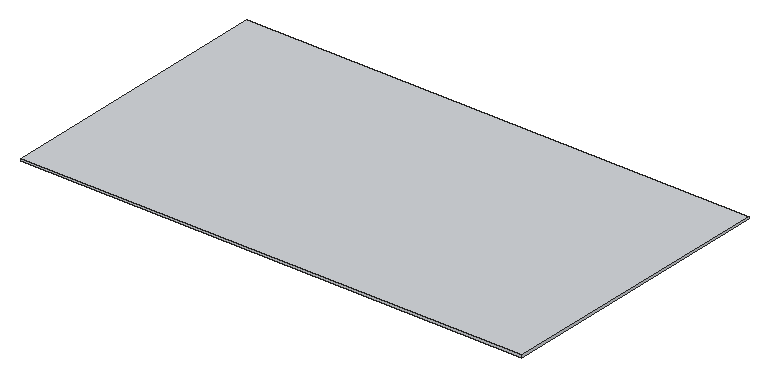
Revit family "LA2 Connected Rings", category Lighting Fixtures, host Face, Revit 2014 (continued)
Definition of nested family "LA2"
  Forms (in)
    Extrusion 10, solid, material "White Opal Acrylic" <- "Diffuser", visible <- "8'", detail levels medium+fine
      sketch origin (0, 0, -66.3845) x (1, 0, 0) y (0, 1, 0)
        loop
          arc (0.18567, -41.99959) -> (19.96162, -36.95313) -> (35.02349, -23.18093) r 42
          arc (35.02349, -23.18093) -> (35.66585, -22.17988) -> (36.27961, -21.16105) r 42
          arc (36.27961, -21.16105) -> (36.31972, -21.13023) -> (36.36937, -21.13682) r 0.06563
          line (36.36937, -21.13682) -> (36.86328, -21.42198)
          arc (36.86328, -21.42198) -> (37.02767, -21.37793) -> (36.98362, -21.21355) r 0.12034
          line (36.98362, -21.21355) -> (36.48971, -20.92839)
          arc (36.48971, -20.92839) -> (36.45917, -20.88868) -> (36.46555, -20.839) r 0.06563
          arc (36.46555, -20.839) -> (40.60587, -10.73144) -> (41.99988, 0.1014) r 42
          arc (41.99988, 0.1014) -> (40.5797, 10.82995) -> (36.46528, 20.83946) r 42
          arc (36.46528, 20.83946) -> (36.45917, 20.88868) -> (36.48971, 20.92839) r 0.06563
          line (36.48971, 20.92839) -> (36.98362, 21.21355)
          arc (36.98362, 21.21355) -> (37.02767, 21.37793) -> (36.86328, 21.42198) r 0.12034
          line (36.86328, 21.42198) -> (36.36937, 21.13682)
          arc (36.36937, 21.13682) -> (36.31972, 21.13023) -> (36.27987, 21.16059) r 0.06563
          arc (36.27987, 21.16059) -> (20.99954, 36.37333) -> (0.18514, 41.99959) r 42
          arc (0.18514, 41.99959) -> (0.13946, 42.01891) -> (0.12034, 42.06521) r 0.06563
          line (0.12034, 42.06521) -> (0.12034, 42.63553)
          arc (0.12034, 42.63553) -> (0, 42.75587) -> (-0.12034, 42.63553) r 0.12034
          line (-0.12034, 42.63553) -> (-0.12034, 42.06521)
          arc (-0.12034, 42.06521) -> (-0.13946, 42.01891) -> (-0.18514, 41.99959) r 0.06563
      from 66.3845 to 66.43137
    Extrusion 11, solid, material "White Opal Acrylic" <- "Diffuser", visible <- "6'", detail levels medium+fine
      sketch origin (0, 0, -66.3845) x (1, 0, 0) y (0, 1, 0)
        loop
          arc (-31.1256, -18.08859) -> (-18.01326, -31.16925) -> (-0.133, -35.99975) r 36
          arc (-0.133, -35.99975) -> (-0.09975, -35.98609) -> (-0.08595, -35.95288) r 0.04688
          line (-0.08595, -35.95288) -> (-0.08595, -35.54551)
          arc (-0.08595, -35.54551) -> (0, -35.45955) -> (0.08595, -35.54551) r 0.08595
          line (0.08595, -35.54551) -> (0.08595, -35.95288)
          arc (0.08595, -35.95288) -> (0.09975, -35.98609) -> (0.133, -35.99975) r 0.04688
          arc (0.133, -35.99975) -> (17.34548, -31.54575) -> (30.32722, -19.39741) r 36
          arc (30.32722, -19.39741) -> (34.53399, -10.16876) -> (35.99975, -0.133) r 36
          arc (35.99975, -0.133) -> (35.98609, -0.09975) -> (35.95288, -0.08595) r 0.04688
          line (35.95288, -0.08595) -> (35.54551, -0.08595)
          arc (35.54551, -0.08595) -> (35.45955, 0) -> (35.54551, 0.08595) r 0.08595
          line (35.54551, 0.08595) -> (35.95288, 0.08595)
          arc (35.95288, 0.08595) -> (35.98609, 0.09975) -> (35.99975, 0.133) r 0.04688
          arc (35.99975, 0.133) -> (25.45584, 25.45584) -> (0.133, 35.99975) r 36
          arc (0.133, 35.99975) -> (0.09975, 35.98609) -> (0.08595, 35.95288) r 0.04688
          line (0.08595, 35.95288) -> (0.08595, 35.54551)
          arc (0.08595, 35.54551) -> (0, 35.45955) -> (-0.08595, 35.54551) r 0.08595
          line (-0.08595, 35.54551) -> (-0.08595, 35.95288)
          arc (-0.08595, 35.95288) -> (-0.09975, 35.98609) -> (-0.133, 35.99975) r 0.04688
          arc (-0.133, 35.99975) -> (-25.45584, 25.45584) -> (-35.99975, 0.133) r 36
          arc (-35.99975, 0.133) -> (-35.98609, 0.09975) -> (-35.95288, 0.08595) r 0.04688
          line (-35.95288, 0.08595) -> (-35.54551, 0.08595)
          arc (-35.54551, 0.08595) -> (-35.45955, 0) -> (-35.54551, -0.08595) r 0.08595
          line (-35.54551, -0.08595) -> (-35.95288, -0.08595)
          arc (-35.95288, -0.08595) -> (-35.98609, -0.09975) -> (-35.99975, -0.133) r 0.04688
          arc (-35.99975, -0.133) -> (-34.74268, -9.43111) -> (-31.1256, -18.08859) r 36
        loop
          arc (-0.13224, 29.99971) -> (-21.21293, 21.21347) -> (-29.99971, 0.133) r 30
          arc (-29.99971, 0.133) -> (-30.01351, 0.09961) -> (-30.04658, 0.08595) r 0.04688
          line (-30.04658, 0.08595) -> (-30.45395, 0.08595)
          arc (-30.45395, 0.08595) -> (-30.5399, 0) -> (-30.45395, -0.08595) r 0.08595
          line (-30.45395, -0.08595) -> (-30.04658, -0.08595)
          arc (-30.04658, -0.08595) -> (-30.01351, -0.09961) -> (-29.99971, -0.13262) r 0.04688
          arc (-29.99971, -0.13262) -> (-28.88389, -8.10686) -> (-25.68715, -15.49743) r 30
          arc (-25.68715, -15.49743) -> (-14.80706, -26.0912) -> (-0.133, -29.99971) r 30
          arc (-0.133, -29.99971) -> (-0.09961, -30.01351) -> (-0.08595, -30.04658) r 0.04688
          line (-0.08595, -30.04658) -> (-0.08595, -30.45395)
          arc (-0.08595, -30.45395) -> (0, -30.5399) -> (0.08595, -30.45395) r 0.08595
          line (0.08595, -30.45395) -> (0.08595, -30.04658)
          arc (0.08595, -30.04658) -> (0.09961, -30.01351) -> (0.13262, -29.99971) r 0.04688
          arc (0.13262, -29.99971) -> (14.2583, -26.39509) -> (25.01678, -16.5578) r 30
          arc (25.01678, -16.5578) -> (28.70796, -8.70937) -> (29.99971, -0.133) r 30
          arc (29.99971, -0.133) -> (30.01351, -0.09961) -> (30.04658, -0.08595) r 0.04688
          line (30.04658, -0.08595) -> (30.45395, -0.08595)
          arc (30.45395, -0.08595) -> (30.5399, 0) -> (30.45395, 0.08595) r 0.08595
          line (30.45395, 0.08595) -> (30.04658, 0.08595)
          arc (30.04658, 0.08595) -> (30.01351, 0.09961) -> (29.99971, 0.13262) r 0.04688
          arc (29.99971, 0.13262) -> (21.21293, 21.21347) -> (0.13224, 29.99971) r 30
          arc (0.13224, 29.99971) -> (0.09961, 30.01351) -> (0.08595, 30.04658) r 0.04688
          line (0.08595, 30.04658) -> (0.08595, 30.45395)
          arc (0.08595, 30.45395) -> (0, 30.5399) -> (-0.08595, 30.45395) r 0.08595
          line (-0.08595, 30.45395) -> (-0.08595, 30.04658)
          arc (-0.08595, 30.04658) -> (-0.09961, 30.01351) -> (-0.13224, 29.99971) r 0.04688
      from 74.33762 to 74.3845
    Extrusion 12, solid, material "White Opal Acrylic" <- "Diffuser", visible <- "6'", detail levels medium+fine
      sketch origin (0, 0, -71.1345) x (1, 0, 0) y (0, 1, 0)
        loop
          arc (-31.1256, -18.08859) -> (-18.01326, -31.16925) -> (-0.133, -35.99975) r 36
          arc (-0.133, -35.99975) -> (-0.09975, -35.98609) -> (-0.08595, -35.95288) r 0.04688
          line (-0.08595, -35.95288) -> (-0.08595, -35.54551)
          arc (-0.08595, -35.54551) -> (0, -35.45955) -> (0.08595, -35.54551) r 0.08595
          line (0.08595, -35.54551) -> (0.08595, -35.95288)
          arc (0.08595, -35.95288) -> (0.09975, -35.98609) -> (0.133, -35.99975) r 0.04688
          arc (0.133, -35.99975) -> (17.34548, -31.54575) -> (30.32722, -19.39741) r 36
          arc (30.32722, -19.39741) -> (34.53399, -10.16876) -> (35.99975, -0.133) r 36
          arc (35.99975, -0.133) -> (35.98609, -0.09975) -> (35.95288, -0.08595) r 0.04688
          line (35.95288, -0.08595) -> (35.54551, -0.08595)
          arc (35.54551, -0.08595) -> (35.45955, 0) -> (35.54551, 0.08595) r 0.08595
          line (35.54551, 0.08595) -> (35.95288, 0.08595)
          arc (35.95288, 0.08595) -> (35.98609, 0.09975) -> (35.99975, 0.133) r 0.04688
          arc (35.99975, 0.133) -> (25.45584, 25.45584) -> (0.133, 35.99975) r 36
          arc (0.133, 35.99975) -> (0.09975, 35.98609) -> (0.08595, 35.95288) r 0.04688
          line (0.08595, 35.95288) -> (0.08595, 35.54551)
          arc (0.08595, 35.54551) -> (0, 35.45955) -> (-0.08595, 35.54551) r 0.08595
          line (-0.08595, 35.54551) -> (-0.08595, 35.82038)
          arc (-0.08595, 35.82038) -> (-0.09975, 35.85358) -> (-0.133, 35.86725) r 0.04688
          arc (-0.133, 35.86725) -> (-25.45584, 25.32334) -> (-35.99975, 0.0005) r 36
          arc (-35.99975, 0.0005) -> (-35.98609, -0.03276) -> (-35.95288, -0.04655) r 0.04688
          line (-35.95288, -0.04655) -> (-35.54551, -0.04655)
          arc (-35.54551, -0.04655) -> (-35.52581, -0.06625) -> (-35.54551, -0.08595) r 0.0197
          line (-35.54551, -0.08595) -> (-35.95288, -0.08595)
          arc (-35.95288, -0.08595) -> (-35.98609, -0.09975) -> (-35.99975, -0.133) r 0.04688
          arc (-35.99975, -0.133) -> (-34.74268, -9.43111) -> (-31.1256, -18.08859) r 36
        loop
          arc (-0.13224, 29.99971) -> (-21.21293, 21.21347) -> (-29.99971, 0.133) r 30
          arc (-29.99971, 0.133) -> (-30.01351, 0.09961) -> (-30.04658, 0.08595) r 0.04688
          line (-30.04658, 0.08595) -> (-30.45395, 0.08595)
          arc (-30.45395, 0.08595) -> (-30.5399, 0) -> (-30.45395, -0.08595) r 0.08595
          line (-30.45395, -0.08595) -> (-30.04658, -0.08595)
          arc (-30.04658, -0.08595) -> (-30.01351, -0.09961) -> (-29.99971, -0.13262) r 0.04688
          arc (-29.99971, -0.13262) -> (-28.88389, -8.10686) -> (-25.68715, -15.49743) r 30
          arc (-25.68715, -15.49743) -> (-14.80706, -26.0912) -> (-0.133, -29.99971) r 30
          arc (-0.133, -29.99971) -> (-0.09961, -30.01351) -> (-0.08595, -30.04658) r 0.04688
          line (-0.08595, -30.04658) -> (-0.08595, -30.45395)
          arc (-0.08595, -30.45395) -> (0, -30.5399) -> (0.08595, -30.45395) r 0.08595
          line (0.08595, -30.45395) -> (0.08595, -30.04658)
          arc (0.08595, -30.04658) -> (0.09961, -30.01351) -> (0.13262, -29.99971) r 0.04688
          arc (0.13262, -29.99971) -> (14.2583, -26.39509) -> (25.01678, -16.5578) r 30
          arc (25.01678, -16.5578) -> (28.70796, -8.70937) -> (29.99971, -0.133) r 30
          arc (29.99971, -0.133) -> (30.01351, -0.09961) -> (30.04658, -0.08595) r 0.04688
          line (30.04658, -0.08595) -> (30.45395, -0.08595)
          arc (30.45395, -0.08595) -> (30.5399, 0) -> (30.45395, 0.08595) r 0.08595
          line (30.45395, 0.08595) -> (30.04658, 0.08595)
          arc (30.04658, 0.08595) -> (30.01351, 0.09961) -> (29.99971, 0.13262) r 0.04688
          arc (29.99971, 0.13262) -> (21.21293, 21.21347) -> (0.13224, 29.99971) r 30
          arc (0.13224, 29.99971) -> (0.09961, 30.01351) -> (0.08595, 30.04658) r 0.04688
          line (0.08595, 30.04658) -> (0.08595, 30.45395)
          arc (0.08595, 30.45395) -> (0, 30.5399) -> (-0.08595, 30.45395) r 0.08595
          line (-0.08595, 30.45395) -> (-0.08595, 30.04658)
          arc (-0.08595, 30.04658) -> (-0.09961, 30.01351) -> (-0.13224, 29.99971) r 0.04688
      from 71.1345 to 71.18137
  Lines and regions (in)
    symbolic lines, visible <- "6'"
      curve 1: circle (0, 0, 0) r 36 normal (0, 0, 1)
    symbolic lines, visible <- "8'"
      curve 2: circle (0, 0, 0) r 48 normal (0, 0, 1)
    symbolic lines, visible <- "10'"
      curve 3: circle (0, 0, 0) r 60 normal (0, 0, 1)
  Dimensions and locks (in)
    aligned and locked: level to plane 2
Definition of nested family "LA2-12"
  Parameters (values of type "LA2-12")
    Shade = 3form Varia Ecoresin
    Radius = 6' - 0"
    R1 = Radius - 0' 0.13"  # 5' - 11.87"
    Inner Radius1 = Inner Radius - 0' 0.13"  # 5' - 5.87"
    Inner Radius = Radius - 0' 6"  # 5' - 6"
    Diffuser = White Opal Acrylic
  Reference planes (in)
    plane 1 "Center (Front/Back)": y = 0
    plane 2: z = 0
    plane 3 "Center (Left/Right)": x = 0
  Forms (in)
    Extrusion 1, solid, material "3form Varia Ecoresin" <- "Shade", detail levels coarse
      sketch origin (0, 0, 0) x (1, 0, 0) y (0, 1, 0)
        loop
          circle (0, 0) r 72
        loop
          circle (0, 0) r 66
      from 0 to 8
    Extrusion 2, solid, material "White Opal Acrylic" <- "Diffuser", detail levels medium+fine
      sketch origin (-7.74, 0, -58.43137) x (1, 0, 0) y (0, 1, 0)
        loop
          circle (7.74, 0) r 72
        loop
          circle (7.74, 0) r 66
      from 66.3845 to 66.43137
    Extrusion 3, solid, material "White Opal Acrylic" <- "Diffuser", detail levels medium+fine
      sketch origin (0, 0, -66.3845) x (1, 0, 0) y (0, 1, 0)
        loop
          circle (0, 0) r 72
        loop
          circle (0, 0) r 66
      from 66.3845 to 66.43137
    Extrusion 4, solid, material "3form Varia Ecoresin" <- "Shade", detail levels medium+fine
      sketch origin (0, 0, -66.3845) x (1, 0, 0) y (0, 1, 0)
        loop
          circle (0, 0) r 72
        loop
          circle (0, 0) r 66
        loop
          circle (0, 0) r 71.87
        loop
          circle (0, 0) r 65.87
      from 66.43137 to 74.3845
  Lines and regions (in)
    symbolic lines
      curve 1: arc (72, 0.00038, 0) -> (-0.00038, 72, 0) -> (-72, -0.00038, 0) r 72
      curve 2: arc (-72, -0.00038, 0) -> (0.00038, -72, 0) -> (72, 0.00038, 0) r 72
  Dimensions and locks (in)
    locked: Extrusion 2 sketch curve to Extrusion 2 sketch curve at 6
    locked: Extrusion 2 to Extrusion 4 sketch curve at 0.13
    "Radius": radius of Extrusion 2 sketch curve
    "Radius": radius of Extrusion 4 sketch curve
    "Inner Radius": radius of Extrusion 4 sketch curve
    "R1": radius of Extrusion 4 sketch curve
    "Inner Radius1": radius of Extrusion 4 sketch curve
    "Radius": radius of curve 1
    aligned and locked: level to plane 2
    aligned and locked: Extrusion 1 sketch curve to Extrusion 2  (x2)
    aligned and locked: Extrusion 3 sketch curve to Extrusion 2  (x2)
  Automatic sketch dimensions
    curve 1 to curve 2 = 0' - 0"  (x2)
    plane 1 "Center (Front/Back)" to curve 2 = 0' - 0"
    curve 2 to plane 3 "Center (Left/Right)" = 0' - 0"
    curve 2 to plane 1 "Center (Front/Back)" = 0' - 0.00038"
    Extrusion 2 sketch curve to Extrusion 2 sketch curve = 0' - 0"  (x12)
    plane 1 "Center (Front/Back)" to Extrusion 2 sketch curve = 0' - 0"
    Extrusion 2 sketch curve to plane 3 "Center (Left/Right)" = 0' - 0"
    Extrusion 4 sketch curve to Extrusion 4 sketch curve = 0' - 0"  (x12)
    plane 1 "Center (Front/Back)" to Extrusion 4 sketch curve = 0' - 0"
    Extrusion 4 sketch curve to plane 3 "Center (Left/Right)" = 0' - 0"
Definition of nested family "la2-connect canopy"
  Parameters (values of type "la2-connect canopy")
    20 Gauge Steel = 20 Gauge Steel
  Reference planes (in)
    plane 1 "Center (Front/Back)": y = 0
    plane 2: z = 0
    plane 3 "Center (Left/Right)": x = 0
  Forms (in)
    Extrusion 1, solid, material "20 Gauge Steel" <- "20 Gauge Steel", detail levels medium+fine
      sketch origin (0, 0, 0) x (1, 0, 0) y (0, 1, 0)
        loop
          circle (0, 0) r 5.875
        loop
          circle (0, 0) r 0.15728
        loop
          circle (0.00091, 1.1222) r 0.19057
      from 0 to 0.053
    Extrusion 2, solid, material "20 Gauge Steel" <- "20 Gauge Steel", detail levels medium+fine
      sketch origin (0, 0, -13.66437) x (1, 0, 0) y (0, 1, 0)
        loop
          circle (0, 0) r 5.18743
        loop
          arc (-0.18988, 1.81984) -> (-0.25863, 1.73364) -> (-0.17278, 1.66445) r 0.07816
          arc (-0.17278, 1.66445) -> (0.00167, 1.67358) -> (0.17611, 1.66445) r 1.67195
          arc (0.17611, 1.66445) -> (0.26196, 1.73364) -> (0.19321, 1.81984) r 0.07816
          arc (0.19321, 1.81984) -> (0.00167, 1.83035) -> (-0.18988, 1.81984) r 1.75098
        loop
          circle (0, 0) r 0.15335
        loop
          arc (-0.18988, -1.81984) -> (0.00167, -1.83035) -> (0.19321, -1.81984) r 1.75098
          arc (0.19321, -1.81984) -> (0.26196, -1.73364) -> (0.17611, -1.66445) r 0.07816
          arc (0.17611, -1.66445) -> (0.00167, -1.67358) -> (-0.17278, -1.66445) r 1.67195
          arc (-0.17278, -1.66445) -> (-0.25863, -1.73364) -> (-0.18988, -1.81984) r 0.07816
        loop
          line (0.86605, 0.20988) -> (0.86605, -0.20655)
          arc (0.86605, -0.20655) -> (1.25185, -0.43674) -> (1.63765, -0.20655) r 0.4384
          line (1.63765, -0.20655) -> (1.63765, 0.20988)
          arc (1.63765, 0.20988) -> (1.25185, 0.44006) -> (0.86605, 0.20988) r 0.4384
      from 15.03937 to 15.09237
    Extrusion 3, solid, material "20 Gauge Steel" <- "20 Gauge Steel", detail levels medium+fine
      sketch origin (0, 0, -15.89047) x (1, 0, 0) y (0, 1, 0)
        loop
          circle (0, 0) r 5.18743
        loop
          circle (0, 0) r 5.14132
      from 17.31847 to 15.94347
    Extrusion 4, solid, material "20 Gauge Steel" <- "20 Gauge Steel", detail levels medium+fine
      sketch origin (0.01144, 0.0201, -97.49959) x (1, 0, 0) y (0, 1, 0)
        loop
          circle (-0.01144, -0.0201) r 5.6875
        loop
          circle (-0.01144, -0.0201) r 5.18743
      from 97.55259 to 97.60559
    Extrusion 5, solid, material "20 Gauge Steel" <- "20 Gauge Steel", detail levels coarse
      sketch origin (0, 0, 0.053) x (1, 0, 0) y (0, 1, 0)
        loop
          circle (0, 0) r 5.18743
      from 0 to 1.322
    Extrusion 6, solid
      sketch origin (0, 0, -0.02139) x (1, 0, 0) y (0, 1, 0)
        loop
          circle (1.50022, 2.19285) r 0.06757
        loop
          circle (3.75055, -2.18699) r 0.06757
        loop
          circle (-1.1235, -4.50066) r 0.06757
      from 1.01939 to 1.39639
  Lines and regions (in)
    symbolic lines
      curve 1: line (0, 0, 0) -> (0, 0, 1.6155)
  Dimensions and locks (in)
    aligned and locked: level to plane 2
    aligned and locked: Extrusion 2 to Extrusion 3
Types (6): name | Weight | 6' | STANDARDS | 8' | 16 | 14 | 10' | LIGHTING | Height | HARDWARE | Emit from Circle Diameter | Description | 12'
  6'x8"x6" | "50 lbs" | yes | "6-8 week lead time, Damp rated, UL Compliant / CSA Approved \r\n1,000+ 3form material shade options\r\nwith fully enclosed acrylic diffuser\r\nCSA Approved to UL standards\r\nDamp Rated\r\n5 year limited warranty" | no | no | no | no | "Solid State LED System\r\n120v-277v input; 24v driver;\r\n0-10v dimming compatible\r\n3000k 81 CRI light source\r\nS - 14w, 1050mA, 1045 lumens" | 1' - 0" | "(6)3/64” Stainless Steel cables. Adjustable 24”-96” to canopy connection. Custom lengths available." | 4' - 0" | "(2)Stainless Steel canopies, \r\nMounts to standard junction box" | no
  16'x8"x6" | "120 lbs" | no | "6-8 week lead time, Damp rated, UL Compliant / CSA Approved" | no | yes | no | no | "Solid State LED System\r\n120v-277v input; 24v driver;\r\n0-10v dimming compatible\r\n3000k 81 CRI light source\r\nM - 30w, 2220mA, 2174 lumens" | 0' - 4" | "(12) 3/64” Stainless Steel cables. Adjustable 24”-96” to canopy connection. Custom lengths available." | 14' - 0" | "(6) Stainless Steel canopies, \r\nMounts to standard junction box" | no
  14'x8"x6" | "100 lbs" | no | "6-8 week lead time, Damp rated, UL Compliant / CSA Approved" | no | no | yes | no | "Solid State LED System\r\n120v-277v input; 24v driver;\r\n0-10v dimming compatible\r\n3000k 81 CRI light source\r\nM - 30w, 2220mA, 2174 lumens" | 1' - 0" | "(8)3/64” Stainless Steel cables. Adjustable 24”-96” to canopy connection. Custom lengths available." | 12' - 0" | "(4) Stainless Steel canopies, \r\nMounts to standard junction box" | no
  10'x8"x6" | "75 lbs" | no | "6-8 week lead time, Damp rated, UL Compliant / CSA Approved" | no | no | no | yes | "Solid State LED System\r\n120v-277v input; 24v driver;\r\n0-10v dimming compatible\r\n3000k 81 CRI light source\r\nS - 14w, 1050mA, 1045 lumens" | 0' - 4" | "(8)3/64” Stainless Steel cables. Adjustable 24”-96” to canopy connection. Custom lengths available.\r\nStainless steel canopy mounts to\r\nstandard junction box (provided by others)\r\n(3-4) 3/64” stainless steel cables to canopy\r\nSilver power cord to canopy\r\nAdjustable 24”-96” suspension" | 8' - 0" | "(4) Stainless Steel canopies, \r\nMounts to standard junction box" | no
  8'x8"x6" | "65 lbs" | no | "6-8 week lead time, Damp rated, UL Compliant / CSA Approved" | yes | no | no | no | "Solid State LED System\r\n120v-277v input; 24v driver;\r\n0-10v dimming compatible\r\n3000k 81 CRI light source\r\nS - 14w, 1050mA, 1045 lumens" | 0' - 8" | "(8)3/64” Stainless Steel cables. Adjustable 24”-96” to canopy connection. Custom lengths available." | 5' - 0" | "(2) Stainless Steel canopies, \r\nMounts to standard junction box" | no
  12'x8"x6" | "85 lbs" | no | "6-8 week lead time, Damp rated, UL Compliant / CSA Approved" | no | no | no | no | "Solid State LED System\r\n120v-277v input; 24v driver;\r\n0-10v dimming compatible\r\n3000k 81 CRI light source\r\nS - 14w, 1050mA, 1045 lumens" | 1' - 0" | "(8)3/64” Stainless Steel cables. Adjustable 24”-96” to canopy connection. Custom lengths available.\r\nStainless steel canopy mounts to\r\nstandard junction box (provided by others)\r\n(3-4) 3/64” stainless steel cables to canopy\r\nSilver power cord to canopy\r\nAdjustable 24”-96” suspension" | 10' - 0" | "(4) Stainless Steel canopies, \r\nMounts to standard junction box" | yes
